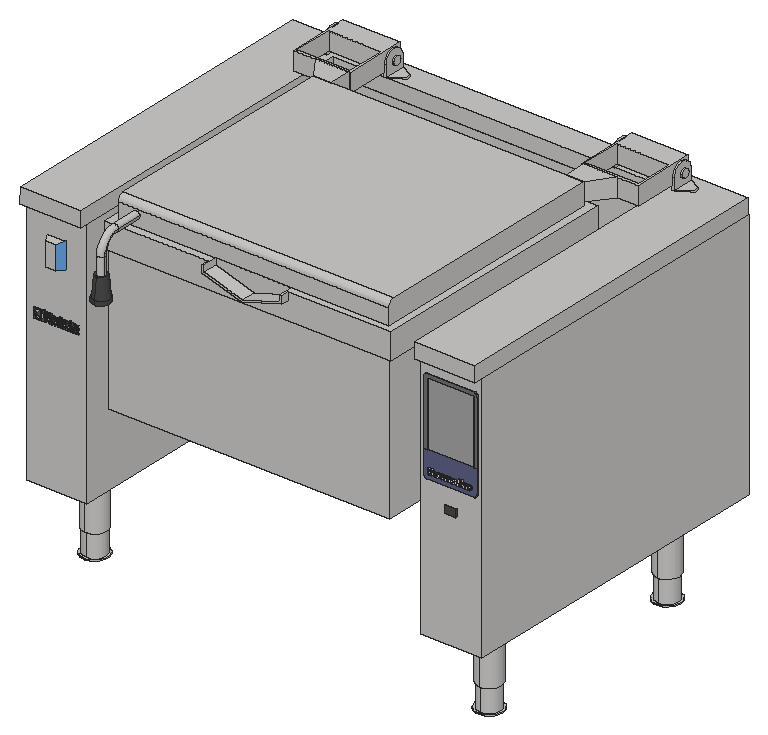
Revit family "QF_ELECTROLUXPROFESSIONAL_587122_PFET09ECIO", category Attrezzature speciali, Revit 2020
Family settings
  Quota connettore circolare = Usa diametro
  Tipo di parte = Normale
  Basato su piano di lavoro = No
  Sempre verticale = Sì
  Taglio con vuoti quando caricato = No
  Condiviso = No
  Punto di calcolo locali = No
Parameters (values of type "Standard")
  Weight = 240.00 kg
  Watts = 15500 W
  Volts = 440 V
  URL Manufacturer = "https://www.electroluxprofessional.com/"
  URL = "https://www.electroluxprofessional.com/"
  Steam Supply Size = 0 mm
  Steam Supply Minimum Pressure = 0.0 Pa
  Steam Supply Maximum Pressure = 0.0 Pa
  Steam Consumption per Hour = 0
  Refrigeration Suction Line Size = 0.0 mm
  Refrigeration Liquid Line Size = 0.0 mm
  Refrigerant Compressor Remote = yes
  Prospetto di default = 0.0 mm
  Produttore = "Electrolux Professional"
  Phase = 3
  Modello = "PFET09ECIO"
  Length Actual = 1200.0 mm  # constant formula
  Item Number = "587122"
  Hot Water Size = 12.7 mm
  Height Actual = 700.0 mm  # constant formula
  HP = "20.8 HP"
  Gas Size = 0 mm
  Gas KW = 0
  Gas Input Pressure = 0 W
  Direct Waste Size = 0 mm
  Descrizione = "ELECTRIC TILTING BRAISING PAN, 90LT,440V,FS,MARINE"
  Depth Actual = 900.0 mm  # constant formula
  Cycle = 50 Hz
  Condensate Return Size = 0 mm
  Compressed Air Volume = 0.0 L/s
  Compressed Air Size = 0 mm
  Compressed Air Pressure = 0.0 Pa
  Cold Water Size = 12.7 mm
  Accessory = yes
Reference planes
  plane 1 "Center (Front/Back)": y = 0
  plane 2: z = 0
  plane 3 "Center (Left/Right)": x = 0
  plane 4 "LEFT": x = -600
  plane 5 "RIGHT": x = 600
  plane 6 "BACK": y = 450
  plane 7 "FRONT": y = -450
  plane 8 "Base": z = 200
  plane 9 "TOP": z = 900
  plane 10: x = -440
  plane 11: x = 440
  plane 12 "Axe_PentolaY": y = -230
  plane 13 "AxePentolaZ": z = 730
  plane 14 "PLANE_TOP": z = 860
  plane 15: y = 380
  plane 16: z = 833
  plane 17: z = 455
  plane 18: z = 293
  plane 19: y = -470
  plane 20 "CentroPentolaY": y = -158
  plane 21 "TopCoperchio": z = 958
  plane 22 "Versamento": z = 910
  plane 23 "V1": through (-107.18, -558, 4000) normal (-0.7071, -0.7071, 0)
  plane 24 "V2": through (107.18, -558, 4000) normal (-0.7071, 0.7071, 0)
  plane 25 "Gfront": y = -1300
  plane 26 "LEVEL": through (-245.562, -289.383, 4000) normal (0.866, 0.5, 0)
  plane 27 "GRight": x = 250
  plane 28 "GLeft": x = -250
  plane 29 "Gback": y = -100
  plane 30: z = 1845
  plane 31 "Ribaltamento": y = -521
  plane 32 "AxeL": x = -520
  plane 33 "AxeR": x = 520
  plane 34 "Pentola_Back": y = 226
  plane 35 "Pentola_L": x = -370.5
  plane 36 "Pentola_R": x = 370.5
  plane 37: x = -310.5
  plane 38 "axeC1": x = -380
  plane 39 "axeC2": x = 380
Forms (mm)
  Revolve 1, solid, material "QF_Finishes_Stainless Steel"
    sketch origin (0, 0, 730) x (-1, 0, 0) y (0, -1, 0)
      loop
        line (440, 230) -> (-440, 230) -> (-440, 140) -> (-430, 140) -> (-430, 173) -> (430, 173) -> (430, 140) -> (440, 140) -> (440, 230)
      axis (440, 230) -> (-440, 230)
    angle from 0 to 360
  Extrusion 2, solid, material "QF_Finishes_Stainless Steel"
    sketch origin (0, 0, 860) x (-1, 0, 0) y (0, -1, 0)
      loop
        line (600, 450) -> (440, 450) -> (440, -380) -> (-440, -380) -> (-440, 450) -> (-600, 450) -> (-600, -450) -> (600, -450) -> (600, 450)
    from 0 to 40
  Extrusion 3, solid, material "QF_Finishes_Stainless Steel"
    sketch origin (0, 0, 860) x (-1, 0, 0) y (0, -1, 0)
      loop
        line (440, -380) -> (-440, -380) -> (-440, -450) -> (440, -450) -> (440, -380)
    from 0 to -360
  Extrusion 4, solid, material "QF_Finishes_Stainless Steel"
    sketch origin (-380, 0, 0) x (0, 1, 0) y (0, 0, 1)
      loop
        line (433.242, 900) -> (433.242, 931.379)
        arc (433.242, 931.379) -> (406.621, 958) -> (380, 931.379) r 26.621
        line (380, 931.379) -> (380, 900) -> (433.242, 900)
    from 75 to 82
  Extrusion 5, solid, material "QF_Finishes_Stainless Steel"
    sketch origin (-380, 0, 900) x (0, 1, 0) y (-1, 0, 0)
      loop
        arc (395.936, -111.185) -> (406.621, -117.525) -> (417.305, -111.185) r 12.174
        line (417.305, -111.185) -> (433.242, -82) -> (380, -82) -> (395.936, -111.185)
      loop
        line (395.936, 111.185) -> (380, 82) -> (433.242, 82) -> (417.305, 111.185)
        arc (417.305, 111.185) -> (406.621, 117.525) -> (395.936, 111.185) r 12.174
    from 0 to 3
  Extrusion 6, solid, material "QF_Door-Drawer Clearances", detail levels coarse
    sketch origin (0, 0, 0) x (0, 1, 0) y (0, 0, 1)
      loop
        line (-415, 958) -> (420, 958) -> (209.062, 1745.23) -> (194.574, 1741.347) -> (180.687, 1793.174)
        arc (180.687, 1793.174) -> (156.279, 1828.463) -> (116.687, 1845) r 76.299
        arc (116.687, 1845) -> (-327.776, 1502.756) -> (-519.112, 975.434) r 1003.531
        line (-519.112, 975.434) -> (-430, 943)
        arc (-430, 943) -> (-425.607, 953.607) -> (-415, 958) r 15
      loop
        arc (-470, 900) -> (-521.02, 709.615) -> (-444, 528.183) r 302.677
        line (-444, 528.183) -> (-444, 833) -> (-450, 833) -> (-450, 847.898) -> (-470, 847.898) -> (-470, 900)
    from 105 to -105
  Extrusion 7, solid, material "QF_Finishes_Stainless Steel"
    sketch origin (0, 0, 0) x (0, 1, 0) y (0, 0, 1)
      loop
        line (226, 833) -> (-444, 833) -> (-444, 455) -> (226, 455) -> (226, 833)
    from -370.5 to 370.5
  Extrusion 8, solid, material "QF_Finishes_Stainless Steel"
    sketch origin (0, 0, 0) x (0, 1, 0) y (0, 0, 1)
      loop
        line (232, 833) -> (232, 900) -> (-450, 900) -> (-450, 833) -> (232, 833)
    from -376.5 to 376.5
  Extrusion 9, void
    sketch origin (0, -450, 0) x (-1, 0, 0) y (0, 0, 1)
      loop
        line (-105, 900) -> (-105, 880) -> (0, 847.898) -> (105, 880) -> (105, 900) -> (-105, 900)
    from 0 to 20
  Extrusion 10, solid, material "QF_Finishes_Stainless Steel"
    sketch origin (0, 0, 0) x (0, 1, 0) y (0, 0, 1)
      loop
        line (212, 958) -> (-415, 958)
        arc (-415, 958) -> (-425.607, 953.607) -> (-430, 943) r 15
        line (-430, 943) -> (-430, 900) -> (212, 900) -> (212, 958)
    from -356.5 to 356.5
  Extrusion 11, solid, material "QF_Finishes_Stainless Steel"
    sketch origin (0, -450, 0) x (-1, 0, 0) y (0, 0, 1)
      loop
        line (105, 880) -> (105, 900) -> (100, 900) -> (100, 883.7) -> (0, 853.127) -> (-100, 883.7) -> (-100, 900) -> (-105, 900) -> (-105, 880) -> (0, 847.898) -> (105, 880)
    from -20 to 20
  Extrusion 12, solid, material "QF_Finishes_Stainless Steel"
    sketch origin (-380, 0, 0) x (0, 1, 0) y (0, 0, 1)
      loop
        line (433.242, 900) -> (433.242, 931.379)
        arc (433.242, 931.379) -> (406.621, 958) -> (380, 931.379) r 26.621
        line (380, 931.379) -> (380, 900) -> (433.242, 900)
    from -82 to -75
  Extrusion 13, solid, material "QF_Finishes_Stainless Steel"
    sketch origin (0, 0, 900) x (0, 1, 0) y (-1, 0, 0)
      loop
        line (433.242, 305) -> (433.242, 455) -> (270, 455) -> (270, 305) -> (433.242, 305)
      loop
        line (275, 450) -> (275, 310) -> (380, 310) -> (380, 450) -> (275, 450)
    from 10 to 58
  Extrusion 14, solid, material "QF_Finishes_Stainless Steel"
    sketch origin (-380, 0, 0) x (0, 1, 0) y (0, 0, 1)
      loop
        circle (406.621, 931.379) r 10
    from 82 to 89
  Extrusion 15, solid, material "QF_Finishes_Stainless Steel"
    sketch origin (-380, 0, 0) x (0, 1, 0) y (0, 0, 1)
      loop
        circle (406.621, 931.379) r 10
    from -82 to -89
  Extrusion 16, solid, material "QF_Finishes_Stainless Steel"
    sketch origin (380, 0, 900) x (0, 1, 0) y (-1, 0, 0)
      loop
        arc (395.936, -111.185) -> (406.621, -117.525) -> (417.305, -111.185) r 12.174
        line (417.305, -111.185) -> (433.242, -82) -> (380, -82) -> (395.936, -111.185)
      loop
        line (395.936, 111.185) -> (380, 82) -> (433.242, 82) -> (417.305, 111.185)
        arc (417.305, 111.185) -> (406.621, 117.525) -> (395.936, 111.185) r 12.174
    from 0 to 3
  Extrusion 17, solid, material "QF_Finishes_Stainless Steel"
    sketch origin (380, 0, 0) x (0, 1, 0) y (0, 0, 1)
      loop
        circle (406.621, 931.379) r 10
    from 82 to 89
  Extrusion 18, solid, material "QF_Finishes_Stainless Steel"
    sketch origin (380, 0, 0) x (0, 1, 0) y (0, 0, 1)
      loop
        circle (406.621, 931.379) r 10
    from -82 to -89
  Extrusion 19, solid, material "QF_Finishes_Stainless Steel"
    sketch origin (0, 0, 900) x (0, 1, 0) y (-1, 0, 0)
      loop
        line (433.242, -305) -> (270, -305) -> (270, -455) -> (433.242, -455) -> (433.242, -305)
      loop
        line (275, -450) -> (380, -450) -> (380, -310) -> (275, -310) -> (275, -450)
    from 10 to 58
  Extrusion 20, solid, material "QF_Finishes_Stainless Steel"
    sketch origin (380, 0, 0) x (0, 1, 0) y (0, 0, 1)
      loop
        line (433.242, 900) -> (433.242, 931.379)
        arc (433.242, 931.379) -> (406.621, 958) -> (380, 931.379) r 26.621
        line (380, 931.379) -> (380, 900) -> (433.242, 900)
    from 75 to 82
  Extrusion 21, solid, material "QF_Finishes_Stainless Steel"
    sketch origin (380, 0, 0) x (0, 1, 0) y (0, 0, 1)
      loop
        line (433.242, 900) -> (433.242, 931.379)
        arc (433.242, 931.379) -> (406.621, 958) -> (380, 931.379) r 26.621
        line (380, 931.379) -> (380, 900) -> (433.242, 900)
    from -82 to -75
  Extrusion 22, solid, material "QF_Finishes_Stainless Steel"
    sketch origin (0, 0, 900) x (0, 1, 0) y (-1, 0, 0)
      loop
        line (270, 310.5) -> (270, 397.112) -> (212, 356.5) -> (212, 310.5) -> (270, 310.5)
      loop
        line (270, -310.5) -> (212, -310.5) -> (212, -356.5) -> (270, -397.112) -> (270, -310.5)
    from 10 to 58
Cuts and joins
  Extrusion 9 cuts Extrusion 8
  joined: Extrusion 8, Extrusion 11
Lines and regions (mm)
  symbolic lines
    curve 1: line (600, 450, 900) -> (-600, 450, 900)
    curve 2: line (600, -450, 900) -> (600, 450, 900)
    curve 3: line (-600, 450, 900) -> (-600, -450, 900)
    curve 4: line (-600, -450, 900) -> (-440, -450, 900)
    curve 5: line (-440, -450, 900) -> (-440, 270, 900)
    curve 6: line (440, -450, 900) -> (600, -450, 900)
    curve 7: line (430, -140, 900) -> (430, -320, 900)
    curve 8: line (-430, -140, 900) -> (-430, -320, 900)
    curve 9: line (-430, -140, 900) -> (-440, -140, 900)
    curve 10: line (-430, -320, 900) -> (-440, -320, 900)
    curve 11: line (430, -140, 900) -> (440, -140, 900)
    curve 12: line (430, -320, 900) -> (440, -320, 900)
    curve 18: line (462, 380, 900) -> (455, 380, 900)
    curve 19: line (-430, -172.761, 900) -> (-375.169, -172.761, 900)
    curve 20: line (-430, -286.868, 900) -> (-376.5, -286.868, 900)
    curve 21: line (430, -172.761, 900) -> (376.5, -172.761, 900)
    curve 22: line (430, -286.868, 900) -> (376.5, -286.868, 900)
    curve 48: line (-356.5, -430, 900) -> (356.5, -430, 900)
    curve 49: line (-301.5, -450, 900) -> (-100, -450, 900)
    curve 55: line (100, -450, 900) -> (376.5, -450, 900)
    curve 56: line (-455, 270, 900) -> (-305, 270, 900)
    curve 57: line (-397.112, 270, 900) -> (-356.5, 212, 900)
    curve 58: line (-310.5, 212, 900) -> (-310.5, 232, 900)
    curve 59: line (-305, 270, 900) -> (-305, 433.242, 900)
    curve 60: line (-310, 275, 900) -> (-450, 275, 900)
    curve 61: line (-455, 433.242, 900) -> (-455, 270, 900)
    curve 62: line (-450, 275, 900) -> (-450, 380, 900)
    curve 63: line (-310, 380, 900) -> (-310, 275, 900)
    curve 64: line (-298, 380, 900) -> (-268.815, 395.936, 900)
    curve 65: line (-268.815, 417.305, 900) -> (-298, 433.242, 900)
    curve 66: arc (-268.815, 395.936, 900) -> (-262.475, 406.621, 900) -> (-268.815, 417.305, 900) r 12.174
    curve 67: line (-298, 380, 900) -> (-298, 433.242, 900)
    curve 68: line (-291, 396.621, 900) -> (-291, 416.621, 900)
    curve 69: line (-305, 433.242, 900) -> (-462, 433.242, 900)
    curve 70: line (-469, 416.621, 900) -> (-469, 396.621, 900)
    curve 71: line (-491.185, 395.936, 900) -> (-462, 380, 900)
    curve 72: arc (-491.185, 417.305, 900) -> (-497.525, 406.621, 900) -> (-491.185, 395.936, 900) r 12.174
    curve 73: line (-462, 433.242, 900) -> (-491.185, 417.305, 900)
    curve 74: line (-462, 433.242, 900) -> (-462, 380, 900)
    curve 75: arc (491.185, 395.936, 900) -> (497.525, 406.621, 900) -> (491.185, 417.305, 900) r 12.174
    curve 76: line (462, 380, 900) -> (491.185, 395.936, 900)
    curve 77: line (491.185, 417.305, 900) -> (462, 433.242, 900)
    curve 78: line (462, 380, 900) -> (462, 433.242, 900)
    curve 79: line (469, 396.621, 900) -> (469, 416.621, 900)
    curve 80: line (455, 270, 900) -> (455, 380, 900)
    curve 81: line (450, 380, 900) -> (450, 275, 900)
    curve 82: line (310, 275, 900) -> (310, 380, 900)
    curve 83: line (305, 433.242, 900) -> (305, 380, 900)
    curve 84: line (450, 275, 900) -> (310, 275, 900)
    curve 85: line (455, 270, 900) -> (305, 270, 900)
    curve 86: line (268.815, 395.936, 900) -> (298, 380, 900)
    curve 87: line (298, 433.242, 900) -> (268.815, 417.305, 900)
    curve 88: arc (268.815, 417.305, 900) -> (262.475, 406.621, 900) -> (268.815, 395.936, 900) r 12.174
    curve 89: line (291, 416.621, 900) -> (291, 396.621, 900)
    curve 90: line (298, 433.242, 900) -> (298, 380, 900)
    curve 91: line (356.5, 212, 900) -> (397.112, 270, 900)
    curve 92: line (310.5, 270, 900) -> (310.5, 212, 900)
    curve 93: line (-310.5, 232, 900) -> (-310.5, 270, 900)
    curve 94: line (-370.504, 232, 900) -> (-376.5, 232, 900)
    curve 95: line (310.5, 232, 900) -> (-310.5, 232, 900)
    curve 96: line (-469, 416.621, 900) -> (-462, 416.621, 900)
    curve 97: line (-469, 396.621, 900) -> (-462, 396.621, 900)
    curve 98: line (-291, 416.621, 900) -> (-298, 416.621, 900)
    curve 99: line (-291, 396.621, 900) -> (-298, 396.621, 900)
    curve 100: line (291, 396.621, 900) -> (298, 396.621, 900)
    curve 101: line (291, 416.621, 900) -> (298, 416.621, 900)
    curve 102: line (469, 416.621, 900) -> (462, 416.621, 900)
    curve 103: line (469, 396.621, 900) -> (462, 396.621, 900)
    curve 104: line (298, 433.242, 900) -> (462, 433.242, 900)
    curve 105: line (-450, 380, 900) -> (-310, 380, 900)
    curve 106: line (305, 380, 900) -> (305, 270, 900)
    curve 107: line (305, 380, 900) -> (-305, 380, 900)
    curve 108: line (450, 380, 900) -> (310, 380, 900)
    curve 109: line (455, 380, 900) -> (455, 433.242, 900)
    curve 110: line (440, 270, 900) -> (440, -450, 900)
    curve 111: line (-462, 380, 900) -> (-455, 380, 900)
  symbolic lines, style "SpecialityEquipmentHiddenLines"
    curve 13: line (-250, -1300, 900) -> (250, -1300, 900)
    curve 14: line (-250, -100, 900) -> (-250, -1300, 900)
    curve 15: line (250, -100, 900) -> (-250, -100, 900)
    curve 16: line (250, -1300, 900) -> (250, -100, 900)
    curve 39: line (0, -1165.484, 900) -> (0, -1135.484, 900)
    curve 40: line (-15, -1150.484, 900) -> (15, -1150.484, 900)
  symbolic lines, style "SpecialityEquipment"
    curve 17: circle (0, -1150.484, 900) r 15 normal (0, 0, 1)
    curve 23: line (210, -1300, 900) -> (210, -1100, 900)
    curve 24: line (170, -1300, 900) -> (170, -1140, 900)
    curve 25: line (130, -1300, 900) -> (130, -1180, 900)
    curve 26: line (90, -1300, 900) -> (90, -1220, 900)
    curve 27: line (90, -1260, 900) -> (250, -1260, 900)
    curve 28: line (130, -1220, 900) -> (250, -1220, 900)
    curve 29: line (170, -1180, 900) -> (250, -1180, 900)
    curve 30: line (210, -1140, 900) -> (250, -1140, 900)
    curve 31: line (-210, -1300, 900) -> (-210, -1100, 900)
    curve 32: line (-170, -1300, 900) -> (-170, -1140, 900)
    curve 33: line (-130, -1300, 900) -> (-130, -1180, 900)
    curve 34: line (-90, -1300, 900) -> (-90, -1220, 900)
    curve 35: line (-90, -1260, 900) -> (-250, -1260, 900)
    curve 36: line (-130, -1220, 900) -> (-250, -1220, 900)
    curve 37: line (-170, -1180, 900) -> (-250, -1180, 900)
    curve 38: line (-210, -1140, 900) -> (-250, -1140, 900)
    curve 41: line (-356.5, 212, 900) -> (-356.5, -430, 900)
    curve 42: line (356.5, -430, 900) -> (356.5, 212, 900)
    curve 43: line (356.5, 212, 900) -> (-356.5, 212, 900)
    curve 44: line (-376.5, 232, 900) -> (-376.5, -450, 900)
    curve 45: line (376.5, 232, 900) -> (370.504, 232, 900)
    curve 46: line (-376.5, -450, 900) -> (-319.5, -450, 900)
    curve 47: line (376.5, -450, 900) -> (376.5, 232, 900)
    curve 50: line (-100, -430, 900) -> (-100, -470, 900)
    curve 51: line (-105, -470, 900) -> (105, -470, 900)
    curve 52: line (100, -470, 900) -> (100, -430, 900)
    curve 53: line (105, -470, 900) -> (105, -450, 900)
    curve 54: line (-105, -450, 900) -> (-105, -470, 900)
Dimensions and locks
  plane 4 "LEFT" to plane 5 "RIGHT" = 1200.0 mm
  equal spacing: plane 4 "LEFT", plane 3 "Center (Left/Right)", plane 5 "RIGHT"
  equal spacing: plane 6 "BACK", plane 1 "Center (Front/Back)", plane 7 "FRONT"
  plane 6 "BACK" to plane 7 "FRONT" = 900.0 mm
  plane 8 "Base" to level = 200.0 mm
  plane 9 "TOP" to level = 900.0 mm
  plane 9 "TOP" to plane 8 "Base" = 700.0 mm
  locked: plane 4 "LEFT" to plane 10 at 160
  locked: plane 11 to plane 5 "RIGHT" at 160
  locked: plane 6 "BACK" to plane 12 "Axe_PentolaY" at 680
  locked: plane 13 "AxePentolaZ" to plane 8 "Base" at 530
  locked: Revolve 1 sketch curve to Revolve 1 sketch curve at 57
  locked: Revolve 1 sketch curve to Revolve 1 sketch curve at 90
  locked: plane 10 to Revolve 1 sketch curve at 10
  locked: Revolve 1 sketch curve to plane 11 at 10
  locked: plane 9 "TOP" to plane 14 "PLANE_TOP" at 40
  plane 6 "BACK" to plane 15 = 70.0 mm
  locked: plane 16 to plane 13 "AxePentolaZ" at 103
  locked: plane 13 "AxePentolaZ" to plane 17 at 275
  locked: plane 17 to plane 18 at 162
  plane 6 "BACK" to plane 19 = 920.0 mm
  locked: plane 6 "BACK" to plane 20 "CentroPentolaY" at 608
  locked: plane 21 "TopCoperchio" to plane 9 "TOP" at 58
  locked: plane 22 "Versamento" to level at 910
  plane 6 "BACK" to plane 25 "Gfront" = 1750.0 mm
  locked: plane 28 "GLeft" to plane 3 "Center (Left/Right)" at 250
  locked: plane 3 "Center (Left/Right)" to plane 27 "GRight" at 250
  plane 6 "BACK" to plane 29 "Gback" = 550.0 mm
  plane 30 to plane 9 "TOP" = 945.0 mm
  plane 6 "BACK" to plane 31 "Ribaltamento" = 971.0 mm
  equal spacing: plane 10, plane 32 "AxeL", plane 4 "LEFT"
  equal spacing: plane 5 "RIGHT", plane 33 "AxeR", plane 11
  locked: plane 36 "Pentola_R" to plane 35 "Pentola_L" at 741
  equal spacing: plane 36 "Pentola_R", plane 3 "Center (Left/Right)", plane 35 "Pentola_L"
  locked: Extrusion 8 sketch curve to plane 34 "Pentola_Back" at 6
  plane 34 "Pentola_Back" to plane 12 "Axe_PentolaY" = 456.0 mm
  locked: plane 37 to plane 35 "Pentola_L" at 60
  plane 4 "LEFT" to plane 38 "axeC1" = 220.0 mm
  plane 39 "axeC2" to plane 5 "RIGHT" = 220.0 mm
  locked: cut or joined group of Extrusion 8, Extrusion 9, Extrusion 11 to plane 36 "Pentola_R" at 6
  locked: plane 35 "Pentola_L" to cut or joined group of Extrusion 8, Extrusion 9, Extrusion 11 at 6
  locked: Extrusion 10 to plane 35 "Pentola_L" at 14
  locked: plane 36 "Pentola_R" to Extrusion 10 at 14
  aligned and locked: level to plane 2
  aligned and locked: plane 5 "RIGHT" to nested 2
  aligned and locked: plane 4 "LEFT" to nested 1
  aligned and locked: plane 8 "Base" to nested 1
  aligned and locked: plane 6 "BACK" to nested 2
  aligned and locked: plane 10 to Revolve 1 sketch curve
  aligned and locked: plane 11 to Revolve 1 sketch curve
  aligned and locked: plane 4 "LEFT" to Extrusion 2 sketch curve
  aligned and locked: Extrusion 2 sketch curve to plane 10
  aligned and locked: plane 7 "FRONT" to Extrusion 2 sketch curve  (x2)
  aligned and locked: Extrusion 2 sketch curve to plane 5 "RIGHT"
  aligned and locked: plane 11 to Extrusion 2 sketch curve
  aligned and locked: Extrusion 2 sketch curve to plane 6 "BACK"
  aligned and locked: plane 15 to Extrusion 2 sketch curve
  aligned and locked: Extrusion 3 sketch curve to plane 10
  aligned and locked: plane 6 "BACK" to Extrusion 3 sketch curve
  aligned and locked: plane 11 to Extrusion 3 sketch curve
  aligned and locked: Extrusion 3 sketch curve to plane 15
  aligned and locked: curve 13 to plane 25 "Gfront"
  aligned and locked: curve 14 to plane 28 "GLeft"
  aligned and locked: plane 27 "GRight" to curve 16
  aligned and locked: plane 29 "Gback" to curve 15
  aligned and locked: plane 33 "AxeR" to nested 3
  aligned and locked: plane 17 to Extrusion 7 sketch curve
  aligned and locked: Extrusion 8 sketch curve to plane 16
  aligned and locked: plane 9 "TOP" to Extrusion 8 sketch curve
  aligned and locked: Extrusion 7 to plane 35 "Pentola_L"
  aligned and locked: plane 36 "Pentola_R" to Extrusion 7
  aligned and locked: plane 37 to nested 4
  aligned and locked: plane 32 "AxeL" to nested 5
Automatic sketch dimensions
  plane 12 "Axe_PentolaY" to Revolve 1 sketch curve = 0.0 mm
  Revolve 1 sketch curve to plane 12 "Axe_PentolaY" = 0.0 mm
  plane 20 "CentroPentolaY" to Revolve 1 sketch curve = 18.0 mm
  plane 5 "RIGHT" to Revolve 1 sketch curve = 432.098 mm
  Revolve 1 sketch curve to plane 4 "LEFT" = 580.148 mm
  Extrusion 4 sketch curve to plane 9 "TOP" = 0.0 mm
  Extrusion 4 sketch curve to plane 15 = 0.0 mm
  plane 15 to Extrusion 4 sketch curve = 26.621 mm
  plane 22 "Versamento" to Extrusion 4 sketch curve = 21.379 mm
  Extrusion 5 sketch curve to plane 15 = 0.0 mm  (x2)
  plane 15 to Extrusion 5 sketch curve = 15.936 mm  (x2)
  Extrusion 5 sketch curve to Extrusion 5 sketch curve = 10.684 mm  (x4)
  Extrusion 5 sketch curve to plane 28 "GLeft" = 18.815 mm
  Extrusion 5 sketch curve to plane 6 "BACK" = 16.758 mm  (x2)
  Extrusion 5 sketch curve to Extrusion 5 sketch curve = 5.834 mm  (x2)
  plane 37 to Extrusion 5 sketch curve = 12.5 mm
  Extrusion 5 sketch curve to plane 10 = 22.0 mm
  plane 32 "AxeL" to Extrusion 5 sketch curve = 34.649 mm
  Extrusion 7 sketch curve to plane 16 = 0.0 mm
  Extrusion 7 sketch curve to plane 34 "Pentola_Back" = 0.0 mm
  plane 7 "FRONT" to Extrusion 7 sketch curve = 6.0 mm
  Extrusion 8 sketch curve to plane 7 "FRONT" = 0.0 mm
  Extrusion 9 sketch curve to plane 9 "TOP" = 0.0 mm
  Extrusion 9 sketch curve to plane 3 "Center (Left/Right)" = 0.0 mm
  plane 3 "Center (Left/Right)" to Extrusion 9 sketch curve = 105.0 mm
  Extrusion 9 sketch curve to plane 9 "TOP" = 20.0 mm  (x2)
  Extrusion 9 sketch curve to plane 3 "Center (Left/Right)" = 105.0 mm
  Extrusion 9 sketch curve to plane 14 "PLANE_TOP" = 12.102 mm
  Extrusion 10 sketch curve to plane 9 "TOP" = 0.0 mm
  plane 7 "FRONT" to Extrusion 10 sketch curve = 20.0 mm
  Extrusion 10 sketch curve to Extrusion 10 sketch curve = 15.0 mm
  Extrusion 10 sketch curve to plane 34 "Pentola_Back" = 14.0 mm
  Extrusion 11 sketch curve to plane 9 "TOP" = 0.0 mm  (x2)
  Extrusion 11 sketch curve to plane 3 "Center (Left/Right)" = 0.0 mm  (x2)
  plane 3 "Center (Left/Right)" to Extrusion 11 sketch curve = 100.0 mm
  Extrusion 11 sketch curve to Extrusion 11 sketch curve = 5.0 mm  (x2)
  Extrusion 11 sketch curve to plane 9 "TOP" = 16.3 mm
  Extrusion 11 sketch curve to plane 3 "Center (Left/Right)" = 100.0 mm
  Extrusion 11 sketch curve to plane 9 "TOP" = 20.0 mm  (x2)
  Extrusion 11 sketch curve to plane 14 "PLANE_TOP" = 6.873 mm
  Extrusion 11 sketch curve to Extrusion 11 sketch curve = 5.228 mm
  Extrusion 11 sketch curve to Extrusion 11 sketch curve = 3.7 mm
  Extrusion 12 sketch curve to plane 9 "TOP" = 0.0 mm
  Extrusion 12 sketch curve to plane 15 = 0.0 mm
  plane 15 to Extrusion 12 sketch curve = 26.621 mm
  plane 22 "Versamento" to Extrusion 12 sketch curve = 21.379 mm
  Extrusion 13 sketch curve to plane 15 = 0.0 mm
  plane 37 to Extrusion 13 sketch curve = 0.5 mm
  plane 34 "Pentola_Back" to Extrusion 13 sketch curve = 49.0 mm
  Extrusion 13 sketch curve to Extrusion 13 sketch curve = 5.0 mm
  Extrusion 13 sketch curve to plane 6 "BACK" = 16.758 mm
  plane 37 to Extrusion 13 sketch curve = 5.5 mm
  Extrusion 13 sketch curve to plane 10 = 10.0 mm
  Extrusion 13 sketch curve to plane 10 = 15.0 mm
  plane 15 to Extrusion 14 sketch curve = 26.621 mm
  plane 22 "Versamento" to Extrusion 14 sketch curve = 21.379 mm
  plane 15 to Extrusion 15 sketch curve = 26.621 mm
  plane 22 "Versamento" to Extrusion 15 sketch curve = 21.379 mm
  Extrusion 16 sketch curve to plane 15 = 0.0 mm  (x2)
  plane 15 to Extrusion 16 sketch curve = 15.936 mm  (x2)
  Extrusion 16 sketch curve to Extrusion 16 sketch curve = 10.684 mm  (x4)
  plane 27 "GRight" to Extrusion 16 sketch curve = 18.815 mm
  Extrusion 16 sketch curve to plane 6 "BACK" = 16.758 mm  (x2)
  Extrusion 16 sketch curve to Extrusion 16 sketch curve = 5.834 mm  (x2)
  Extrusion 16 sketch curve to Extrusion 16 sketch curve = 29.185 mm
  plane 11 to Extrusion 16 sketch curve = 22.0 mm
  Extrusion 16 sketch curve to plane 33 "AxeR" = 34.649 mm
  plane 15 to Extrusion 17 sketch curve = 26.621 mm
  plane 22 "Versamento" to Extrusion 17 sketch curve = 21.379 mm
  plane 15 to Extrusion 18 sketch curve = 26.621 mm
  plane 22 "Versamento" to Extrusion 18 sketch curve = 21.379 mm
  Extrusion 19 sketch curve to plane 15 = 0.0 mm
  Extrusion 19 sketch curve to plane 34 "Pentola_Back" = 49.0 mm
  Extrusion 19 sketch curve to Extrusion 19 sketch curve = 5.0 mm  (x2)
  plane 6 "BACK" to Extrusion 19 sketch curve = 16.758 mm
  Extrusion 19 sketch curve to plane 27 "GRight" = 55.0 mm
  Extrusion 19 sketch curve to plane 11 = 10.0 mm
  Extrusion 19 sketch curve to plane 11 = 15.0 mm
  Extrusion 20 sketch curve to plane 9 "TOP" = 0.0 mm
  Extrusion 20 sketch curve to plane 15 = 0.0 mm
  Extrusion 20 sketch curve to Extrusion 20 sketch curve = 26.621 mm
  plane 22 "Versamento" to Extrusion 20 sketch curve = 21.379 mm
  Extrusion 21 sketch curve to plane 9 "TOP" = 0.0 mm
  Extrusion 21 sketch curve to plane 15 = 0.0 mm
  Extrusion 21 sketch curve to Extrusion 21 sketch curve = 26.621 mm
  plane 22 "Versamento" to Extrusion 21 sketch curve = 21.379 mm
  Extrusion 22 sketch curve to plane 37 = 0.0 mm
  Extrusion 22 sketch curve to plane 34 "Pentola_Back" = 14.0 mm  (x2)
  Extrusion 22 sketch curve to plane 38 "axeC1" = 17.112 mm
  plane 34 "Pentola_Back" to Extrusion 22 sketch curve = 44.0 mm  (x2)
  Extrusion 22 sketch curve to plane 36 "Pentola_R" = 60.0 mm
  Extrusion 22 sketch curve to plane 36 "Pentola_R" = 14.0 mm
  plane 39 "axeC2" to Extrusion 22 sketch curve = 17.112 mm
  plane 35 "Pentola_L" to Extrusion 22 sketch curve = 14.0 mm
  Extrusion 10 sketch curve to plane 21 "TopCoperchio" = 0.0 mm
  Extrusion 6 sketch curve to plane 9 "TOP" = 0.0 mm
  Extrusion 6 sketch curve to plane 19 = 0.0 mm
  Extrusion 6 sketch curve to plane 7 "FRONT" = 0.0 mm
  Extrusion 6 sketch curve to plane 16 = 0.0 mm
  Extrusion 6 sketch curve to plane 21 "TopCoperchio" = 0.0 mm
  Extrusion 6 sketch curve to plane 30 = 0.0 mm
  Extrusion 6 sketch curve to Extrusion 6 sketch curve = 6.0 mm
  plane 7 "FRONT" to Extrusion 6 sketch curve = 20.0 mm
  Extrusion 6 sketch curve to plane 21 "TopCoperchio" = 15.0 mm
  plane 13 "AxePentolaZ" to Extrusion 6 sketch curve = 0.728 mm
  plane 12 "Axe_PentolaY" to Extrusion 6 sketch curve = 10.919 mm
  Extrusion 6 sketch curve to plane 1 "Center (Front/Back)" = 108.263 mm
  Extrusion 6 sketch curve to plane 34 "Pentola_Back" = 45.313 mm
  Extrusion 6 sketch curve to plane 34 "Pentola_Back" = 31.426 mm
  Extrusion 6 sketch curve to Extrusion 6 sketch curve = 14.489 mm
  Extrusion 6 sketch curve to plane 6 "BACK" = 30.0 mm
  plane 22 "Versamento" to Extrusion 6 sketch curve = 0.445 mm
  plane 6 "BACK" to Extrusion 6 sketch curve = 32.313 mm
  Extrusion 6 sketch curve to plane 14 "PLANE_TOP" = 12.102 mm
  Extrusion 6 sketch curve to plane 30 = 103.653 mm
  Extrusion 6 sketch curve to Extrusion 6 sketch curve = 24.006 mm
  plane 31 "Ribaltamento" to Extrusion 6 sketch curve = 1.888 mm
  curve 39 to plane 3 "Center (Left/Right)" = 0.0 mm
  curve 17 to plane 3 "Center (Left/Right)" = 0.0 mm
  curve 50 to plane 19 = 0.0 mm
  curve 110 to plane 7 "FRONT" = 0.0 mm
  curve 55 to plane 7 "FRONT" = 0.0 mm
  curve 49 to plane 7 "FRONT" = 0.0 mm
  curve 5 to plane 7 "FRONT" = 0.0 mm
  curve 44 to plane 7 "FRONT" = 0.0 mm
  curve 10 to plane 10 = 0.0 mm
  curve 12 to plane 11 = 0.0 mm
  curve 58 to plane 37 = 0.0 mm
  curve 93 to plane 37 = 0.0 mm
  curve 63 to plane 15 = 0.0 mm
  curve 108 to plane 15 = 0.0 mm
  curve 64 to plane 15 = 0.0 mm
  curve 109 to plane 15 = 0.0 mm
  curve 111 to plane 15 = 0.0 mm
  curve 2 to plane 5 "RIGHT" = 0.0 mm
  curve 2 to plane 6 "BACK" = 0.0 mm
  curve 1 to plane 4 "LEFT" = 0.0 mm
  plane 25 "Gfront" to curve 17 = 149.516 mm
  plane 7 "FRONT" to curve 48 = 20.0 mm
  curve 12 to plane 11 = 10.0 mm
  curve 12 to plane 12 "Axe_PentolaY" = 90.0 mm
  plane 10 to curve 8 = 10.0 mm
  curve 8 to plane 12 "Axe_PentolaY" = 90.0 mm
  plane 20 "CentroPentolaY" to curve 8 = 18.0 mm
  plane 20 "CentroPentolaY" to curve 7 = 18.0 mm
  curve 57 to plane 34 "Pentola_Back" = 14.0 mm
  plane 34 "Pentola_Back" to curve 47 = 6.0 mm
  plane 34 "Pentola_Back" to curve 44 = 6.0 mm
  plane 34 "Pentola_Back" to curve 93 = 6.0 mm
  plane 37 to curve 59 = 5.5 mm
  curve 58 to curve 59 = 38.0 mm
  curve 95 to curve 85 = 38.0 mm
  curve 80 to curve 81 = 5.0 mm  (x2)
  plane 37 to curve 60 = 0.5 mm
  curve 93 to curve 60 = 5.0 mm
  plane 15 to curve 86 = 15.936 mm
  plane 15 to curve 64 = 15.936 mm
  plane 15 to curve 71 = 15.936 mm
  plane 15 to curve 76 = 15.936 mm
  plane 15 to curve 70 = 16.621 mm
  plane 15 to curve 68 = 16.621 mm
  plane 15 to curve 79 = 16.621 mm
  plane 15 to curve 100 = 16.621 mm
  curve 86 to curve 88 = 10.684 mm
  curve 76 to curve 75 = 10.684 mm
  curve 64 to curve 66 = 10.684 mm
  curve 71 to curve 72 = 10.684 mm
  curve 88 to curve 101 = 10.0 mm
  curve 72 to curve 70 = 10.0 mm
  curve 66 to curve 98 = 10.0 mm
  curve 75 to curve 102 = 10.0 mm
  curve 75 to curve 77 = 10.684 mm
  curve 65 to plane 28 "GLeft" = 18.815 mm
  curve 66 to curve 65 = 10.684 mm
  plane 27 "GRight" to curve 87 = 18.815 mm
  curve 88 to curve 87 = 10.684 mm
  curve 72 to curve 73 = 10.684 mm
  curve 101 to curve 87 = 16.621 mm
  curve 96 to curve 74 = 16.621 mm
  curve 59 to curve 67 = 0.0 mm
  curve 76 to plane 33 "AxeR" = 28.815 mm
  curve 77 to curve 75 = 5.834 mm
  curve 75 to curve 79 = 16.351 mm
  curve 79 to curve 77 = 7.0 mm
  plane 11 to curve 85 = 15.0 mm
  curve 55 to plane 39 "axeC2" = 3.5 mm
  curve 43 to plane 36 "Pentola_R" = 14.0 mm
  plane 27 "GRight" to curve 82 = 60.0 mm
  curve 82 to curve 107 = 5.0 mm
  curve 90 to curve 87 = 29.185 mm
  curve 100 to curve 89 = 7.0 mm
  curve 88 to curve 87 = 5.834 mm
  plane 3 "Center (Left/Right)" to curve 51 = 105.0 mm
  curve 54 to plane 3 "Center (Left/Right)" = 105.0 mm
  curve 65 to curve 66 = 5.834 mm
  curve 66 to curve 68 = 16.351 mm
  curve 65 to curve 59 = 7.0 mm
  plane 35 "Pentola_L" to curve 41 = 14.0 mm
  plane 38 "axeC1" to curve 44 = 3.5 mm
  curve 105 to plane 10 = 10.0 mm
  curve 60 to curve 56 = 5.0 mm
  curve 61 to curve 74 = 7.0 mm
  curve 96 to curve 70 = 7.0 mm
  curve 70 to curve 72 = 16.351 mm
  curve 72 to curve 73 = 5.834 mm
  curve 34 to curve 35 = 40.0 mm
  curve 13 to curve 27 = 40.0 mm
  curve 35 to curve 36 = 40.0 mm
  curve 27 to curve 28 = 40.0 mm
  curve 36 to curve 34 = 0.0 mm
  curve 26 to curve 28 = 0.0 mm
  curve 36 to curve 33 = 40.0 mm
  curve 36 to curve 37 = 40.0 mm
  curve 28 to curve 25 = 40.0 mm
  curve 28 to curve 29 = 40.0 mm
  curve 39 to curve 17 = 15.0 mm
  curve 40 to curve 17 = 0.0 mm
  curve 29 to curve 30 = 40.0 mm
  curve 37 to curve 32 = 40.0 mm
  curve 38 to curve 32 = 0.0 mm
  curve 24 to curve 30 = 0.0 mm
  curve 38 to curve 31 = 40.0 mm
  curve 30 to curve 23 = 40.0 mm
  curve 7 to curve 22 = 33.132 mm
  curve 8 to curve 20 = 33.132 mm
  curve 21 to plane 20 "CentroPentolaY" = 14.761 mm
  curve 19 to plane 20 "CentroPentolaY" = 14.761 mm
  curve 109 to curve 18 = 0.0 mm
  plane 39 "axeC2" to curve 91 = 17.112 mm
  curve 92 to curve 82 = 0.5 mm
  curve 83 to curve 87 = 7.0 mm
  curve 86 to curve 90 = 0.0 mm
  curve 30 to plane 27 "GRight" = 40.0 mm
  curve 30 to curve 24 = 40.0 mm
  curve 24 to curve 25 = 40.0 mm
  curve 53 to curve 52 = 5.0 mm
  curve 25 to curve 26 = 40.0 mm
  curve 35 to plane 3 "Center (Left/Right)" = 90.0 mm
  curve 50 to curve 51 = 5.0 mm
  curve 34 to curve 36 = 40.0 mm
  curve 33 to curve 37 = 40.0 mm
  curve 31 to curve 13 = 40.0 mm
  curve 64 to curve 67 = 0.0 mm
  plane 37 to curve 49 = 9.0 mm
  curve 46 to plane 37 = 9.0 mm
  curve 94 to plane 35 "Pentola_L" = 0.004 mm
  curve 19 to plane 35 "Pentola_L" = 4.669 mm
  radius of Extrusion 14 sketch curve = 10.0 mm
  radius of Extrusion 15 sketch curve = 10.0 mm
  radius of Extrusion 17 sketch curve = 10.0 mm
  radius of Extrusion 18 sketch curve = 10.0 mm
Nested families
  nested 1: "QF_ELECTROLUXPROFESSIONAL_PBOTNB900_LEFT" at (-520, 0, 0), type "QF_ELECTROLUXPROFESSIONAL_PBOTNB900_LEFT"
    with Body Finish QF_Finishes_Stainless Steel
  nested 2: "QF_ELECTROLUXPROFESSIONAL_PBOTNB900_RIGHT" at (520, 0, 0), type "QF_ELECTROLUXPROFESSIONAL_PBOTNB900_RIGHT"
    with Body Finish QF_Finishes_Stainless Steel
  nested 3: "QF_ELECTROLUXPROFESSIONAL_2FEET_THL_120xH200" at (520, 0, 0), type "QF_ELECTROLUXPROFESSIONAL_2FEET_THL_120xH200"
  nested 4: "QF_ELECTROLUXPROFESSIONAL_PFET900_LEVEL1" at (-310.5, -430, 927.803), type "QF_ELECTROLUXPROFESSIONAL_PFET900_LEVEL1"
  nested 5: "QF_ELECTROLUXPROFESSIONAL_2FEET_THL_120xH200" at (-520, 0, 0), type "QF_ELECTROLUXPROFESSIONAL_2FEET_THL_120xH200"
Connectors
  piping at (-550, 453, 395), diameter 12.7, driven by "Hot Water Size"
    settings: on nested 1, index 1, connector inside diameter 609.6 mm, connector length 0.0 mm, flow factor 0, pipe flow 0.0 L/s, pressure drop 0.0 Pa, fitting loss kfactor 0, connector angle 0.00°, fixture units 0, engagement length 0.0 mm, angle of deflection 0.00°, flow configuration 1, flow direction 1, fitting loss method 0, system type 19, joint type 0, gender type 0, connector reference index -1, connector utility 0, adjustable connector no, is connector primary yes, connector description "Hot Water Inlet"
  piping at (-490, 453, 395), diameter 12.7, driven by "Cold Water Size"
    settings: on nested 1, index 2, connector inside diameter 609.6 mm, connector length 0.0 mm, flow factor 0, pipe flow 0.0 L/s, pressure drop 0.0 Pa, fitting loss kfactor 0, connector angle 0.00°, fixture units 0, engagement length 0.0 mm, angle of deflection 0.00°, flow configuration 1, flow direction 1, fitting loss method 0, system type 20, joint type 0, gender type 0, connector reference index -1, connector utility 0, adjustable connector no, is connector primary no, connector description "Cold Water Inlet"
  electrical at (520, 450, 450), driven by "Volts"
    settings: on nested 2, index 3, voltage 440 V, apparent load 0 VA, apparent load phase1 0 VA, apparent load phase2 0 VA, apparent load phase3 0 VA, power factor 1, load classification "Other", number of poles 1, system type 30, power factor state 1, is connector primary yes, connector utility no, sub classification motor no, connector description "Electrical Connection"
Definition of nested family "QF_ELECTROLUXPROFESSIONAL_PBOTNB900_LEFT"
  Parameters
    Width = 160.0 mm
    Right = Width / 2  # 80.0 mm
    Default Elevation = 0.0 mm
    Left = -Width / 2  # -80.0 mm
    Htop = 40.0 mm
    Height = 900.0 mm
    HW_CW_z = 195.0 mm
    HW_CW_y = 312.0 mm
    HW_CW_Border = 50.0 mm
    HBase = 200.0 mm
    Depth = 900.0 mm
    BorderFront = 20.0 mm
    Body Finish [instance] = none
  Reference planes
    plane 1 "Center (Front/Back)": y = 0
    plane 2: z = 0
    plane 3 "Center (Left/Right)": x = 0
    plane 4 "LEFT": x = -80
    plane 5 "RIGHT": x = 80
    plane 6 "BACK": y = 450
    plane 7 "FRONT": y = -450
    plane 8 "TRAYSLIDER": y = -811.8
    plane 9 "Base": z = 200
    plane 10 "TOP": z = 900
    plane 11 "BorderFront": y = -430
    plane 12: z = 860
    plane 13 "HW_CW": y = 138
    plane 14: x = -30
    plane 15: x = 30
    plane 16 "STEAM": z = 340
    plane 17 "CHW": z = 395
  Forms (mm)
    Extrusion 1, solid
      sketch origin (0, 0, 0) x (1, 0, 0) y (0, 1, 0)
        loop
          line (-80, 450) -> (-80, -430) -> (80, -430) -> (80, 450) -> (-80, 450)
      from 860 to 200
    Extrusion 2, solid, material <- "Body Finish"
      sketch origin (0, 450, 0) x (-1, 0, 0) y (0, 0, 1)
        loop
          circle (30, 395) r 6.35
        loop
          circle (-30, 395) r 6.35
      from 3 to 0
    Blend 3, solid, material <- "Body Finish"
      base sketch origin (0, -430, -0.233) x (-1, 0, 0) y (0, 0, 1)
        loop
          line (23.5, 800.233) -> (-23.5, 800.233) -> (-23.5, 733.433) -> (23.5, 733.433) -> (23.5, 800.233)
      top sketch origin (0, -430, -0.233) x (-1, 0, 0) y (0, 0, 1)
        loop
          line (13.448, 797.45) -> (-13.448, 797.45) -> (-13.448, 736.216) -> (13.448, 736.216) -> (13.448, 797.45)
      from 0 to -20
    Extrusion 4, solid
      sketch origin (-12.54, -430, 23) x (-1, 0, 0) y (0, 0, 1)
        loop
          line (5.327, 593.058) -> (5.327, 590.846) -> (11.437, 590.846) -> (11.437, 587.616) -> (5.692, 587.616) -> (5.692, 585.398) -> (11.437, 585.398) -> (11.437, 583.444)
          arc (11.437, 583.444) -> (10.839, 582.088) -> (9.435, 581.614) r 1.838
          line (9.435, 581.614) -> (5.163, 581.614) -> (5.163, 579.403) -> (9.986, 579.403)
          arc (9.986, 579.403) -> (12.674, 580.517) -> (13.788, 583.205) r 3.802
          line (13.788, 583.205) -> (13.788, 593.058) -> (5.327, 593.058)
        loop
          line (3.492, 593.058) -> (1.141, 593.058) -> (1.141, 579.403) -> (3.492, 579.403) -> (3.492, 593.058)
        loop
          line (-47.588, 593.058) -> (-49.941, 593.058) -> (-49.941, 579.403) -> (-47.588, 579.403) -> (-47.588, 593.058)
        loop
          arc (-2.749, 583.764) -> (-3.194, 582.272) -> (-4.489, 581.409) r 2.29
          arc (-4.489, 581.409) -> (-6.614, 581.225) -> (-8.443, 582.322) r 3.458
          line (-8.443, 582.322) -> (-9.836, 580.928)
          arc (-9.836, 580.928) -> (-7.685, 579.48) -> (-5.119, 579.102) r 5.86
          arc (-5.119, 579.102) -> (-1.823, 580.467) -> (-0.457, 583.764) r 4.662
          arc (-0.457, 583.764) -> (-1.495, 587.706) -> (-5.131, 589.55) r 4.976
          arc (-5.131, 589.55) -> (-9.259, 588.004) -> (-10.466, 583.764) r 4.89
          line (-10.466, 583.764) -> (-2.749, 583.764)
        loop
          arc (-2.808, 585.417) -> (-3.843, 587.066) -> (-5.727, 587.557) r 2.64
          arc (-5.727, 587.557) -> (-7.36, 586.981) -> (-8.104, 585.417) r 2.256
          line (-8.104, 585.417) -> (-2.808, 585.417)
        loop
          arc (-19.634, 586.402) -> (-17.741, 587.437) -> (-15.609, 587.112) r 3.369
          arc (-15.609, 587.112) -> (-14.276, 585.699) -> (-14.118, 583.764) r 2.933
          arc (-14.118, 583.764) -> (-16.389, 581.316) -> (-19.559, 582.365) r 3.088
          line (-19.559, 582.365) -> (-21.028, 580.896)
          arc (-21.028, 580.896) -> (-14.811, 579.611) -> (-11.775, 585.186) r 5.33
          arc (-11.775, 585.186) -> (-13.576, 588.365) -> (-17.009, 589.62) r 5.293
          arc (-17.009, 589.62) -> (-19.259, 589.219) -> (-21.111, 587.878) r 5.117
          line (-21.111, 587.878) -> (-19.634, 586.402)
        loop
          line (-22.556, 593.058) -> (-24.908, 593.058) -> (-24.908, 589.279) -> (-27.044, 589.279) -> (-27.044, 587.143) -> (-24.908, 587.143) -> (-24.908, 583.764)
          arc (-24.908, 583.764) -> (-25.11, 582.682) -> (-25.866, 581.883) r 1.949
          arc (-25.866, 581.883) -> (-26.455, 581.649) -> (-27.088, 581.601) r 2.118
          line (-27.088, 581.601) -> (-27.088, 579.397)
          arc (-27.088, 579.397) -> (-24.962, 579.678) -> (-23.283, 581.013) r 4.018
          arc (-23.283, 581.013) -> (-22.759, 582.327) -> (-22.556, 583.727) r 6.031
          line (-22.556, 583.727) -> (-22.556, 593.058)
        loop
          line (-31.355, 584.595) -> (-31.355, 579.403) -> (-29.023, 579.403) -> (-29.023, 589.279) -> (-31.355, 589.279) -> (-31.355, 587.855)
          arc (-31.355, 587.855) -> (-32.932, 589.208) -> (-35.001, 589.403) r 3.432
          line (-35.001, 589.403) -> (-35.001, 587.143)
          arc (-35.001, 587.143) -> (-33.417, 587.175) -> (-32.009, 586.452) r 3.231
          arc (-32.009, 586.452) -> (-31.523, 585.579) -> (-31.355, 584.595) r 2.967
        loop
          circle (-40.752, 584.339) r 5.233
        loop
          circle (-40.752, 584.339) r 3.172
        loop
          line (-58.424, 583.516) -> (-58.424, 589.279) -> (-60.794, 589.279) -> (-60.794, 583.417)
          arc (-60.794, 583.417) -> (-59.481, 580.276) -> (-56.268, 579.153) r 4.181
          arc (-56.268, 579.153) -> (-53.09, 580.243) -> (-51.74, 583.32) r 4.181
          line (-51.74, 583.32) -> (-51.74, 589.279) -> (-54.111, 589.279) -> (-54.111, 583.516)
          arc (-54.111, 583.516) -> (-54.692, 581.919) -> (-56.268, 581.283) r 2.088
          arc (-56.268, 581.283) -> (-57.843, 581.919) -> (-58.424, 583.516) r 2.088
        loop
          line (-62.216, 589.279) -> (-64.76, 589.279) -> (-66.89, 586.347) -> (-69.053, 589.279) -> (-71.621, 589.279) -> (-68.238, 584.695) -> (-71.937, 579.4) -> (-69.425, 579.4) -> (-66.898, 582.879) -> (-64.408, 579.4) -> (-61.879, 579.4) -> (-65.631, 584.642) -> (-62.216, 589.279)
        loop
          arc (12.465, 573.743) -> (10.91, 572.325) -> (12.18, 570.647) r 1.561
          line (12.18, 570.647) -> (13.314, 570.647) -> (13.314, 569.021) -> (14.34, 569.021) -> (14.34, 573.743) -> (12.465, 573.743)
        loop
          line (12.224, 571.575) -> (13.314, 571.575) -> (13.314, 572.789) -> (12.224, 572.789)
          arc (12.224, 572.789) -> (11.836, 572.182) -> (12.224, 571.575) r 0.668
        loop
          arc (5.055, 573.743) -> (3.966, 573.299) -> (3.497, 572.221) r 1.559
          arc (3.497, 572.221) -> (3.646, 571.544) -> (4.091, 571.012) r 1.458
          line (4.091, 571.012) -> (3.163, 569.021) -> (4.265, 569.021) -> (4.944, 570.647) -> (5.937, 570.647) -> (5.937, 569.021) -> (6.963, 569.021) -> (6.963, 573.743) -> (5.055, 573.743)
        loop
          line (5.937, 572.789) -> (4.847, 572.789)
          arc (4.847, 572.789) -> (4.459, 572.182) -> (4.847, 571.575) r 0.668
          line (4.847, 571.575) -> (5.937, 571.575) -> (5.937, 572.789)
        loop
          circle (-2.866, 571.382) r 2.453
        loop
          circle (-2.866, 571.382) r 1.557
        loop
          line (-9.35, 573.743) -> (-12.299, 573.743) -> (-12.299, 572.725) -> (-10.352, 572.725) -> (-10.352, 571.729) -> (-12.129, 571.729) -> (-12.129, 570.671) -> (-10.352, 570.671) -> (-10.352, 569.021) -> (-9.35, 569.021) -> (-9.35, 573.743)
        loop
          line (-16.282, 573.743) -> (-19.27, 573.743) -> (-19.27, 572.851) -> (-17.252, 572.851) -> (-17.252, 571.921) -> (-19.139, 571.921) -> (-19.139, 571.029) -> (-17.252, 571.029)
          arc (-17.252, 571.029) -> (-17.355, 570.353) -> (-17.883, 569.916) r 0.961
          line (-17.883, 569.916) -> (-19.316, 569.916) -> (-19.316, 569.024) -> (-17.792, 569.024)
          arc (-17.792, 569.024) -> (-16.717, 569.474) -> (-16.282, 570.555) r 1.51
          line (-16.282, 570.555) -> (-16.282, 573.743)
        loop
          line (-33.381, 573.145) -> (-32.842, 572.436)
          arc (-32.842, 572.436) -> (-32.43, 572.802) -> (-31.895, 572.931) r 1.135
          arc (-31.895, 572.931) -> (-31.448, 572.574) -> (-31.757, 572.093) r 0.427
          arc (-31.757, 572.093) -> (-32.293, 571.892) -> (-32.815, 571.659) r 9.371
          arc (-32.815, 571.659) -> (-33.228, 571.39) -> (-33.551, 571.017) r 1.779
          arc (-33.551, 571.017) -> (-33.7, 570.209) -> (-33.41, 569.439) r 1.535
          arc (-33.41, 569.439) -> (-32.755, 569.091) -> (-32.028, 568.946) r 2.556
          arc (-32.028, 568.946) -> (-31.439, 569.005) -> (-30.895, 569.238) r 1.957
          arc (-30.895, 569.238) -> (-30.416, 569.671) -> (-30.118, 570.245) r 1.815
          line (-30.118, 570.245) -> (-30.944, 570.63)
          arc (-30.944, 570.63) -> (-31.179, 570.219) -> (-31.563, 569.943) r 1.118
          arc (-31.563, 569.943) -> (-32.007, 569.83) -> (-32.453, 569.935) r 0.963
          arc (-32.453, 569.935) -> (-32.693, 570.417) -> (-32.345, 570.828) r 0.489
          arc (-32.345, 570.828) -> (-31.793, 571.095) -> (-31.211, 571.289) r 4.78
          arc (-31.211, 571.289) -> (-30.52, 572.116) -> (-30.631, 573.188) r 1.385
          arc (-30.631, 573.188) -> (-31.232, 573.642) -> (-31.964, 573.821) r 1.872
          arc (-31.964, 573.821) -> (-32.756, 573.658) -> (-33.381, 573.145) r 1.69
        loop
          line (-37.714, 573.743) -> (-38.684, 573.743) -> (-38.684, 569.024) -> (-37.714, 569.024) -> (-37.714, 573.743)
        loop
          circle (-45.226, 571.384) r 1.468
        loop
          circle (-45.226, 571.384) r 2.451
        loop
          line (-51.736, 569.024) -> (-51.736, 573.743) -> (-52.679, 573.743) -> (-54.838, 570.686) -> (-54.838, 573.743) -> (-55.818, 573.743) -> (-55.818, 569.024) -> (-54.875, 569.024) -> (-52.716, 571.991) -> (-52.716, 569.024) -> (-51.736, 569.024)
        loop
          line (-60.71, 569.024) -> (-59.668, 569.024) -> (-61.514, 573.743) -> (-62.424, 573.743) -> (-64.417, 569.024) -> (-63.375, 569.024) -> (-62.915, 570.042) -> (-61.17, 570.042) -> (-60.71, 569.024)
        loop
          line (-62.48, 571.01) -> (-61.558, 571.01) -> (-62.012, 572.047) -> (-62.48, 571.01)
        loop
          line (-69.237, 569.916) -> (-71.051, 569.916) -> (-71.051, 569.024) -> (-68.266, 569.024) -> (-68.266, 573.743) -> (-69.237, 573.743) -> (-69.237, 569.916)
        loop
          line (-26.307, 573.145) -> (-25.768, 572.436)
          arc (-25.768, 572.436) -> (-25.356, 572.802) -> (-24.821, 572.931) r 1.135
          arc (-24.821, 572.931) -> (-24.373, 572.574) -> (-24.683, 572.093) r 0.427
          arc (-24.683, 572.093) -> (-25.218, 571.892) -> (-25.74, 571.659) r 9.371
          arc (-25.74, 571.659) -> (-26.153, 571.39) -> (-26.476, 571.017) r 1.779
          arc (-26.476, 571.017) -> (-26.625, 570.209) -> (-26.336, 569.439) r 1.535
          arc (-26.336, 569.439) -> (-25.681, 569.091) -> (-24.953, 568.946) r 2.556
          arc (-24.953, 568.946) -> (-24.365, 569.005) -> (-23.821, 569.238) r 1.957
          arc (-23.821, 569.238) -> (-23.341, 569.671) -> (-23.044, 570.245) r 1.815
          line (-23.044, 570.245) -> (-23.87, 570.63)
          arc (-23.87, 570.63) -> (-24.105, 570.219) -> (-24.488, 569.943) r 1.118
          arc (-24.488, 569.943) -> (-24.933, 569.83) -> (-25.379, 569.935) r 0.963
          arc (-25.379, 569.935) -> (-25.619, 570.417) -> (-25.27, 570.828) r 0.489
          arc (-25.27, 570.828) -> (-24.718, 571.095) -> (-24.137, 571.289) r 4.78
          arc (-24.137, 571.289) -> (-23.445, 572.116) -> (-23.556, 573.188) r 1.385
          arc (-23.556, 573.188) -> (-24.158, 573.642) -> (-24.889, 573.821) r 1.872
          arc (-24.889, 573.821) -> (-25.681, 573.658) -> (-26.307, 573.145) r 1.69
        loop
          arc (28.462, 593.245) -> (19.282, 580.828) -> (28.462, 568.412) r 12.987
          line (28.462, 568.412) -> (28.462, 593.245)
        loop
          line (29.418, 593.324) -> (29.418, 591.35)
          arc (29.418, 591.35) -> (32.835, 584.89) -> (39.417, 581.715) r 11.707
          line (39.417, 581.715) -> (45.017, 581.715)
          arc (45.017, 581.715) -> (39.886, 591.105) -> (29.418, 593.324) r 12.809
        loop
          line (29.725, 570.21) -> (29.725, 568.093)
          arc (29.725, 568.093) -> (40.061, 570.682) -> (45.028, 580.108) r 13.06
          line (45.028, 580.108) -> (40.92, 580.108)
          arc (40.92, 580.108) -> (33.58, 577.129) -> (29.725, 570.21) r 11.93
        loop
          line (45.971, 594.6) -> (18.333, 594.6) -> (18.333, 567) -> (45.971, 567) -> (45.971, 594.6)
      from -1.6 to 0
    Extrusion 5, solid
      sketch origin (0, 0, 200) x (0, 1, 0) y (-1, 0, 0)
        loop
          circle (138, 30) r 5
        loop
          circle (138, -30) r 5
      from 0 to -3
  Lines and regions (mm)
    symbolic lines
      curve 1: line (80, 450, 0) -> (-80, 450, 0)
      curve 2: line (-80, 450, 0) -> (-80, -430, 0)
  Dimensions and locks
    "Width": plane 4 "LEFT" to plane 5 "RIGHT"
    equal spacing: plane 4 "LEFT", plane 3 "Center (Left/Right)", plane 5 "RIGHT"
    equal spacing: plane 6 "BACK", plane 1 "Center (Front/Back)", plane 7 "FRONT"
    "Depth": plane 6 "BACK" to plane 7 "FRONT"
    "BorderFront": plane 11 "BorderFront" to plane 7 "FRONT"
    "Htop": plane 10 "TOP" to plane 12
    "Height": plane 10 "TOP" to level
    "HBase": plane 9 "Base" to level
    "HW_CW_y": plane 6 "BACK" to plane 13 "HW_CW"
    "HW_CW_Border": plane 4 "LEFT" to plane 14
    "HW_CW_Border": plane 15 to plane 5 "RIGHT"
    locked: plane 16 "STEAM" to plane 9 "Base" at 140
    "HW_CW_z": plane 17 "CHW" to plane 9 "Base"
    aligned and locked: level to plane 2
    aligned and locked: plane 11 "BorderFront" to Extrusion 1 sketch curve
    aligned and locked: plane 12 to Extrusion 1
    aligned and locked: Extrusion 1 to plane 9 "Base"
    aligned and locked: plane 4 "LEFT" to Extrusion 1 sketch curve
    aligned and locked: Extrusion 1 sketch curve to plane 5 "RIGHT"
    aligned and locked: Extrusion 1 sketch curve to plane 6 "BACK"
  Automatic sketch dimensions
    curve 1 to plane 4 "LEFT" = 0.0 mm
    curve 1 to plane 5 "RIGHT" = 0.0 mm
    curve 2 to plane 11 "BorderFront" = 0.0 mm
    curve 2 to plane 6 "BACK" = 0.0 mm
    Extrusion 2 sketch curve to plane 15 = 0.0 mm
    Extrusion 2 sketch curve to plane 14 = 0.0 mm
    Extrusion 2 sketch curve to plane 17 "CHW" = 0.0 mm  (x2)
    Blend 3 sketch curve to plane 15 = 6.5 mm
    plane 14 to Blend 3 sketch curve = 6.5 mm
    Blend 3 sketch curve to plane 12 = 126.8 mm
    Blend 3 sketch curve to plane 12 = 60.0 mm
    plane 3 "Center (Left/Right)" to Blend 3 sketch curve = 13.448 mm
    Blend 3 sketch curve to plane 3 "Center (Left/Right)" = 13.448 mm
    Blend 3 sketch curve to plane 12 = 124.017 mm
    Blend 3 sketch curve to Blend 3 sketch curve = 61.233 mm
    Extrusion 4 sketch curve to Extrusion 4 sketch curve = 0.0 mm  (x37)
    Extrusion 4 sketch curve to plane 5 "RIGHT" = 20.603 mm
    Extrusion 4 sketch curve to Extrusion 4 sketch curve = 0.317 mm
    Extrusion 4 sketch curve to Extrusion 4 sketch curve = 0.886 mm
    Extrusion 4 sketch curve to Extrusion 4 sketch curve = 2.512 mm
    Extrusion 4 sketch curve to Extrusion 4 sketch curve = 1.815 mm
    Extrusion 4 sketch curve to Extrusion 4 sketch curve = 2.567 mm
    Extrusion 4 sketch curve to Extrusion 4 sketch curve = 0.97 mm  (x3)
    Extrusion 4 sketch curve to Extrusion 4 sketch curve = 0.815 mm  (x2)
    Extrusion 4 sketch curve to Extrusion 4 sketch curve = 1.341 mm
    Extrusion 4 sketch curve to Extrusion 4 sketch curve = 1.348 mm
    Extrusion 4 sketch curve to Extrusion 4 sketch curve = 1.259 mm
    Extrusion 4 sketch curve to Extrusion 4 sketch curve = 2.13 mm
    Extrusion 4 sketch curve to Extrusion 4 sketch curve = 3.849 mm
    Extrusion 4 sketch curve to Extrusion 4 sketch curve = 2.49 mm
    Extrusion 4 sketch curve to Extrusion 4 sketch curve = 1.043 mm
    Extrusion 4 sketch curve to Extrusion 4 sketch curve = 0.46 mm  (x2)
    Extrusion 4 sketch curve to Extrusion 4 sketch curve = 0.435 mm  (x3)
    Extrusion 4 sketch curve to Extrusion 4 sketch curve = 0.055 mm  (x2)
    Extrusion 4 sketch curve to Extrusion 4 sketch curve = 2.544 mm
    Extrusion 4 sketch curve to Extrusion 4 sketch curve = 0.468 mm
    Extrusion 4 sketch curve to Extrusion 4 sketch curve = 2.528 mm
    Extrusion 4 sketch curve to Extrusion 4 sketch curve = 0.922 mm
    Extrusion 4 sketch curve to Extrusion 4 sketch curve = 0.91 mm
    Extrusion 4 sketch curve to Extrusion 4 sketch curve = 0.388 mm
    Extrusion 4 sketch curve to Extrusion 4 sketch curve = 1.422 mm
    Extrusion 4 sketch curve to Extrusion 4 sketch curve = 1.042 mm
    Extrusion 4 sketch curve to Extrusion 4 sketch curve = 2.371 mm
    Extrusion 4 sketch curve to Extrusion 4 sketch curve = 1.809 mm  (x2)
    Extrusion 4 sketch curve to Extrusion 4 sketch curve = 0.273 mm  (x2)
    Extrusion 4 sketch curve to Extrusion 4 sketch curve = 0.147 mm
    Extrusion 4 sketch curve to Extrusion 4 sketch curve = 5.696 mm
    Extrusion 4 sketch curve to Extrusion 4 sketch curve = 0.943 mm
    Extrusion 4 sketch curve to Extrusion 4 sketch curve = 0.037 mm  (x2)
    Extrusion 4 sketch curve to Extrusion 4 sketch curve = 2.122 mm
    Extrusion 4 sketch curve to Extrusion 4 sketch curve = 2.372 mm
    Extrusion 4 sketch curve to Extrusion 4 sketch curve = 0.944 mm
    Extrusion 4 sketch curve to Extrusion 4 sketch curve = 1.799 mm
    Extrusion 4 sketch curve to Extrusion 4 sketch curve = 2.353 mm
    plane 15 to Extrusion 4 sketch curve = 2.686 mm
    Extrusion 4 sketch curve to plane 15 = 1.789 mm
    Extrusion 4 sketch curve to plane 15 = 3.856 mm
    Extrusion 4 sketch curve to Extrusion 4 sketch curve = 5.751 mm
    Extrusion 4 sketch curve to Extrusion 4 sketch curve = 0.679 mm
    Extrusion 4 sketch curve to Extrusion 4 sketch curve = 0.728 mm
    Extrusion 4 sketch curve to Extrusion 4 sketch curve = 0.178 mm
    Extrusion 4 sketch curve to Extrusion 4 sketch curve = 4.332 mm
    Extrusion 4 sketch curve to Extrusion 4 sketch curve = 0.539 mm  (x2)
    Extrusion 4 sketch curve to Extrusion 4 sketch curve = 0.634 mm  (x2)
    Extrusion 4 sketch curve to Extrusion 4 sketch curve = 0.036 mm  (x2)
    Extrusion 4 sketch curve to Extrusion 4 sketch curve = 0.114 mm  (x2)
    Extrusion 4 sketch curve to Extrusion 4 sketch curve = 0.807 mm  (x2)
    Extrusion 4 sketch curve to Extrusion 4 sketch curve = 0.007 mm  (x2)
    Extrusion 4 sketch curve to Extrusion 4 sketch curve = 0.156 mm  (x2)
    Extrusion 4 sketch curve to Extrusion 4 sketch curve = 0.005 mm  (x2)
    Extrusion 4 sketch curve to Extrusion 4 sketch curve = 0.083 mm  (x2)
    Extrusion 4 sketch curve to Extrusion 4 sketch curve = 0.13 mm  (x4)
    Extrusion 4 sketch curve to Extrusion 4 sketch curve = 0.009 mm  (x2)
    Extrusion 4 sketch curve to Extrusion 4 sketch curve = 0.159 mm  (x2)
    Extrusion 4 sketch curve to Extrusion 4 sketch curve = 0.075 mm  (x2)
    Extrusion 4 sketch curve to Extrusion 4 sketch curve = 0.025 mm  (x2)
    Extrusion 4 sketch curve to Extrusion 4 sketch curve = 2.918 mm
    Extrusion 4 sketch curve to Extrusion 4 sketch curve = 2.789 mm
    Extrusion 4 sketch curve to Extrusion 4 sketch curve = 0.908 mm  (x2)
    Extrusion 4 sketch curve to Extrusion 4 sketch curve = 0.826 mm  (x2)
    Extrusion 4 sketch curve to Extrusion 4 sketch curve = 0.126 mm  (x3)
